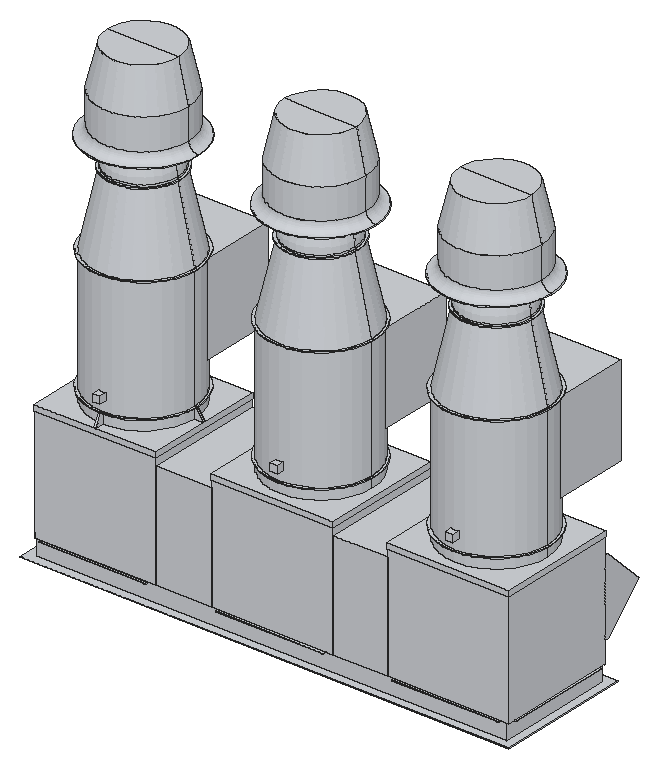
Revit family "QMXVP_with_1X3", category Mechanical Equipment, Revit 2019 (continued)
Types (225): name | UNIT_RADIUS+4" | UNIT_RADIUS*.6 | UNIT_RADIUS | UNIT_RAD+((A/2)+.25")+4" | UNIT_RAD+((A/2)+.25") | UNIT_OD | UNIT_HEIGHT*.75 | UNIT_HEIGHT | TYPE | TRIP_G | TRIP_F | TRIPLE_F+1" | TRANSITION_TOP | RO2/2 | RO/2 | RO | NOZZLE_WB_RAD-2" | NOZZLE_WB_RAD | NOZZLE_WB/4 | NOZZLE_TOP_RAD | NOZZLE_TOP_OD | NOZZLE_SIZE | NOZZLE_HEIGHT/7*2 | NOZZLE_HEIGHT | NOZZLE_BOTTOM_RAD | NOZZLE_WB_OD | NOZZLE_BOTTOM_ID | MB_HT/2 | MB_HT-2.75" | MB_HT+.25" | MB_HT | MB_A | LONG_RO | GA | E | DUAL_G | DUAL_F+1" | DUAL_F | C/2 | C | B/2 | B | A/2 | A+.5 | A | Type Comments | Model | -A | (NOZZLE_WB_OD-NOZZLE_TOP_OD)/2 | (NOZZLE_HEIGHT-(NOZZLE_HEIGHT/8*2))/2 | (A/2)-2" | (A/2)+.25"
  165_QMXVP-9H-1X3_Mixing_Box | 1' - 3 3/4" | 0' - 10.575" | 0' - 11 3/4" | 2' - 8" | 2' - 4" | 1' - 11 1/2" | 2' - 0 3/4" | 2' - 9" | 0' - 0" | 9' - 3 1/2" | 9' - 4" | 9' - 5" | 5' - 1 1/4" | 1' - 0 15/32" | 1' - 0 15/32" | 2' - 0 15/16" | 0' - 9 1/2" | 0' - 11 1/2" | 0' - 4.6" | 0' - 6 3/4" | 1' - 1 1/2" | 9' - 0" | 0' - 7" | 2' - 4" | 0' - 6 13/32" | 1' - 11" | 1' - 0 13/16" | 1' - 6 15/32" | 2' - 10 3/16" | 3' - 1 3/16" | 3' - 0 15/16" | 3' - 5" | 8' - 9 1/4" | 0' - 0 27/256" | 2' - 7 1/8" | 5' - 11 5/16" | 6' - 1 1/4" | 6' - 0 1/4" | 1' - 10" | 3' - 8" | 3' - 8 1/2" | 7' - 5" | 1' - 4" | 2' - 8 1/2" | 2' - 8" | "Vari-Plume Laboratory Exhaust Mixed-Flow Inline Belt Drive With 1X3 Mixing Box\r\n" | "QMXVP-1X3_Mixing Box" | -2' - 8" | 0' - 2 3/8" | 0' - 10 1/2" | 1' - 2" | 1' - 4 1/4"
  165_QMXVP-12L-1X3_Mixing_Box | 1' - 3 3/4" | 0' - 10.575" | 0' - 11 3/4" | 2' - 8" | 2' - 4" | 1' - 11 1/2" | 2' - 0 3/4" | 2' - 9" | 0' - 0" | 9' - 3 1/2" | 9' - 4" | 9' - 5" | 4' - 5 1/4" | 1' - 0 15/32" | 1' - 0 15/32" | 2' - 0 15/16" | 1' - 0" | 1' - 2" | 0' - 5.6" | 0' - 9 3/4" | 1' - 7 1/2" | 12' - 0" | 0' - 8" | 2' - 8" | 0' - 8 17/32" | 2' - 4" | 1' - 5 1/16" | 1' - 6 15/32" | 2' - 10 3/16" | 3' - 1 3/16" | 3' - 0 15/16" | 3' - 5" | 8' - 9 1/4" | 0' - 0 27/256" | 2' - 7 1/8" | 5' - 11 5/16" | 6' - 1 1/4" | 6' - 0 1/4" | 1' - 10" | 3' - 8" | 3' - 8 1/2" | 7' - 5" | 1' - 4" | 2' - 8 1/2" | 2' - 8" | "Vari-Plume Laboratory Exhaust Mixed-Flow Inline Belt Drive With 1X3 Mixing Box\r\n" | "QMXVP-1X3_Mixing Box" | -2' - 8" | 0' - 2 1/8" | 1' - 0" | 1' - 2" | 1' - 4 1/4"
  165_QMXVP-12H-1X3_Mixing_Box | 1' - 3 3/4" | 0' - 10.575" | 0' - 11 3/4" | 2' - 8" | 2' - 4" | 1' - 11 1/2" | 2' - 0 3/4" | 2' - 9" | 0' - 0" | 9' - 3 1/2" | 9' - 4" | 9' - 5" | 4' - 5 1/4" | 1' - 0 15/32" | 1' - 0 15/32" | 2' - 0 15/16" | 1' - 0" | 1' - 2" | 0' - 5.6" | 0' - 9 3/4" | 1' - 7 1/2" | 12' - 0" | 0' - 8" | 2' - 8" | 0' - 8 17/32" | 2' - 4" | 1' - 5 1/16" | 1' - 6 15/32" | 2' - 10 3/16" | 3' - 1 3/16" | 3' - 0 15/16" | 3' - 5" | 8' - 9 1/4" | 0' - 0 27/256" | 2' - 7 1/8" | 5' - 11 5/16" | 6' - 1 1/4" | 6' - 0 1/4" | 1' - 10" | 3' - 8" | 3' - 8 1/2" | 7' - 5" | 1' - 4" | 2' - 8 1/2" | 2' - 8" | "Vari-Plume Laboratory Exhaust Mixed-Flow Inline Belt Drive With 1X3 Mixing Box\r\n" | "QMXVP-1X3_Mixing Box" | -2' - 8" | 0' - 2 1/8" | 1' - 0" | 1' - 2" | 1' - 4 1/4"
  165_QMXVP-15L-1X3_Mixing_Box | 1' - 3 3/4" | 0' - 10.575" | 0' - 11 3/4" | 2' - 8" | 2' - 4" | 1' - 11 1/2" | 2' - 0 3/4" | 2' - 9" | 0' - 0" | 9' - 3 1/2" | 9' - 4" | 9' - 5" | 3' - 9 5/16" | 1' - 0 15/32" | 1' - 0 15/32" | 2' - 0 15/16" | 1' - 4" | 1' - 6" | 0' - 7.2" | 0' - 11 1/2" | 1' - 11" | 15' - 0" | 0' - 10 3/4" | 3' - 7" | 0' - 10 11/16" | 3' - 0" | 1' - 9 3/8" | 1' - 6 15/32" | 2' - 10 3/16" | 3' - 1 3/16" | 3' - 0 15/16" | 3' - 5" | 8' - 9 1/4" | 0' - 0 27/256" | 2' - 7 1/8" | 5' - 11 5/16" | 6' - 1 1/4" | 6' - 0 1/4" | 1' - 10" | 3' - 8" | 3' - 8 1/2" | 7' - 5" | 1' - 4" | 2' - 8 1/2" | 2' - 8" | "Vari-Plume Laboratory Exhaust Mixed-Flow Inline Belt Drive With 1X3 Mixing Box\r\n" | "QMXVP-1X3_Mixing Box" | -2' - 8" | 0' - 3 1/4" | 1' - 4 1/8" | 1' - 2" | 1' - 4 1/4"
  165_QMXVP-15H-1X3_Mixing_Box | 1' - 3 3/4" | 0' - 10.575" | 0' - 11 3/4" | 2' - 8" | 2' - 4" | 1' - 11 1/2" | 2' - 0 3/4" | 2' - 9" | 0' - 0" | 9' - 3 1/2" | 9' - 4" | 9' - 5" | 3' - 9 5/16" | 1' - 0 15/32" | 1' - 0 15/32" | 2' - 0 15/16" | 1' - 4" | 1' - 6" | 0' - 7.2" | 0' - 11 1/2" | 1' - 11" | 15' - 0" | 0' - 10 3/4" | 3' - 7" | 0' - 10 11/16" | 3' - 0" | 1' - 9 3/8" | 1' - 6 15/32" | 2' - 10 3/16" | 3' - 1 3/16" | 3' - 0 15/16" | 3' - 5" | 8' - 9 1/4" | 0' - 0 27/256" | 2' - 7 1/8" | 5' - 11 5/16" | 6' - 1 1/4" | 6' - 0 1/4" | 1' - 10" | 3' - 8" | 3' - 8 1/2" | 7' - 5" | 1' - 4" | 2' - 8 1/2" | 2' - 8" | "Vari-Plume Laboratory Exhaust Mixed-Flow Inline Belt Drive With 1X3 Mixing Box\r\n" | "QMXVP-1X3_Mixing Box" | -2' - 8" | 0' - 3 1/4" | 1' - 4 1/8" | 1' - 2" | 1' - 4 1/4"
  180_QMXVP-12L-1X3_Mixing_Box | 1' - 4 13/16" | 0' - 11 17/32" | 1' - 0 13/16" | 2' - 10 1/16" | 2' - 6 1/16" | 2' - 1 5/8" | 2' - 2 1/4" | 2' - 11" | 0' - 0" | 11' - 1 1/2" | 11' - 2" | 11' - 3" | 4' - 11 1/16" | 1' - 1 15/32" | 1' - 1 15/32" | 2' - 2 15/16" | 1' - 0" | 1' - 2" | 0' - 5.6" | 0' - 9 3/4" | 1' - 7 1/2" | 12' - 0" | 0' - 8" | 2' - 8" | 0' - 8 17/32" | 2' - 4" | 1' - 5 1/16" | 1' - 6 27/32" | 2' - 10 15/16" | 3' - 1 15/16" | 3' - 1 11/16" | 3' - 8" | 10' - 7 1/4" | 0' - 0 27/256" | 2' - 9 1/8" | 6' - 11 5/16" | 7' - 1 1/4" | 7' - 0 1/4" | 1' - 11" | 3' - 10" | 4' - 1" | 8' - 2" | 1' - 5" | 2' - 10 1/2" | 2' - 10" | "Vari-Plume Laboratory Exhaust Mixed-Flow Inline Belt Drive With 1X3 Mixing Box\r\n" | "QMXVP-1X3_Mixing Box" | -2' - 10" | 0' - 2 1/8" | 1' - 0" | 1' - 3" | 1' - 5 1/4"
  180_QMXVP-12H-1X3_Mixing_Box | 1' - 4 13/16" | 0' - 11 17/32" | 1' - 0 13/16" | 2' - 10 1/16" | 2' - 6 1/16" | 2' - 1 5/8" | 2' - 2 1/4" | 2' - 11" | 0' - 0" | 11' - 1 1/2" | 11' - 2" | 11' - 3" | 4' - 11 1/16" | 1' - 1 15/32" | 1' - 1 15/32" | 2' - 2 15/16" | 1' - 0" | 1' - 2" | 0' - 5.6" | 0' - 9 3/4" | 1' - 7 1/2" | 12' - 0" | 0' - 8" | 2' - 8" | 0' - 8 17/32" | 2' - 4" | 1' - 5 1/16" | 1' - 6 27/32" | 2' - 10 15/16" | 3' - 1 15/16" | 3' - 1 11/16" | 3' - 8" | 10' - 7 1/4" | 0' - 0 27/256" | 2' - 9 1/8" | 6' - 11 5/16" | 7' - 1 1/4" | 7' - 0 1/4" | 1' - 11" | 3' - 10" | 4' - 1" | 8' - 2" | 1' - 5" | 2' - 10 1/2" | 2' - 10" | "Vari-Plume Laboratory Exhaust Mixed-Flow Inline Belt Drive With 1X3 Mixing Box\r\n" | "QMXVP-1X3_Mixing Box" | -2' - 10" | 0' - 2 1/8" | 1' - 0" | 1' - 3" | 1' - 5 1/4"
  180_QMXVP-15L-1X3_Mixing_Box | 1' - 4 13/16" | 0' - 11 17/32" | 1' - 0 13/16" | 2' - 10 1/16" | 2' - 6 1/16" | 2' - 1 5/8" | 2' - 2 1/4" | 2' - 11" | 0' - 0" | 11' - 1 1/2" | 11' - 2" | 11' - 3" | 4' - 3 1/8" | 1' - 1 15/32" | 1' - 1 15/32" | 2' - 2 15/16" | 1' - 4" | 1' - 6" | 0' - 7.2" | 0' - 11 1/2" | 1' - 11" | 15' - 0" | 0' - 10 3/4" | 3' - 7" | 0' - 10 11/16" | 3' - 0" | 1' - 9 3/8" | 1' - 6 27/32" | 2' - 10 15/16" | 3' - 1 15/16" | 3' - 1 11/16" | 3' - 8" | 10' - 7 1/4" | 0' - 0 27/256" | 2' - 9 1/8" | 6' - 11 5/16" | 7' - 1 1/4" | 7' - 0 1/4" | 1' - 11" | 3' - 10" | 4' - 1" | 8' - 2" | 1' - 5" | 2' - 10 1/2" | 2' - 10" | "Vari-Plume Laboratory Exhaust Mixed-Flow Inline Belt Drive With 1X3 Mixing Box\r\n" | "QMXVP-1X3_Mixing Box" | -2' - 10" | 0' - 3 1/4" | 1' - 4 1/8" | 1' - 3" | 1' - 5 1/4"
  180_QMXVP-15H-1X3_Mixing_Box | 1' - 4 13/16" | 0' - 11 17/32" | 1' - 0 13/16" | 2' - 10 1/16" | 2' - 6 1/16" | 2' - 1 5/8" | 2' - 2 1/4" | 2' - 11" | 0' - 0" | 11' - 1 1/2" | 11' - 2" | 11' - 3" | 4' - 3 1/8" | 1' - 1 15/32" | 1' - 1 15/32" | 2' - 2 15/16" | 1' - 4" | 1' - 6" | 0' - 7.2" | 0' - 11 1/2" | 1' - 11" | 15' - 0" | 0' - 10 3/4" | 3' - 7" | 0' - 10 11/16" | 3' - 0" | 1' - 9 3/8" | 1' - 6 27/32" | 2' - 10 15/16" | 3' - 1 15/16" | 3' - 1 11/16" | 3' - 8" | 10' - 7 1/4" | 0' - 0 27/256" | 2' - 9 1/8" | 6' - 11 5/16" | 7' - 1 1/4" | 7' - 0 1/4" | 1' - 11" | 3' - 10" | 4' - 1" | 8' - 2" | 1' - 5" | 2' - 10 1/2" | 2' - 10" | "Vari-Plume Laboratory Exhaust Mixed-Flow Inline Belt Drive With 1X3 Mixing Box\r\n" | "QMXVP-1X3_Mixing Box" | -2' - 10" | 0' - 3 1/4" | 1' - 4 1/8" | 1' - 3" | 1' - 5 1/4"
  180_QMXVP-18L-1X3_Mixing_Box | 1' - 4 13/16" | 0' - 11 17/32" | 1' - 0 13/16" | 2' - 10 1/16" | 2' - 6 1/16" | 2' - 1 5/8" | 2' - 2 1/4" | 2' - 11" | 0' - 0" | 11' - 1 1/2" | 11' - 2" | 11' - 3" | 4' - 0 1/2" | 1' - 1 15/32" | 1' - 1 15/32" | 2' - 2 15/16" | 1' - 7 1/2" | 1' - 9 1/2" | 0' - 8.6" | 1' - 1 3/4" | 2' - 3 1/2" | 18' - 0" | 1' - 0" | 4' - 0" | 1' - 0 13/16" | 3' - 7" | 2' - 1 5/8" | 1' - 6 27/32" | 2' - 10 15/16" | 3' - 1 15/16" | 3' - 1 11/16" | 3' - 8" | 10' - 7 1/4" | 0' - 0 27/256" | 2' - 9 1/8" | 6' - 11 5/16" | 7' - 1 1/4" | 7' - 0 1/4" | 1' - 11" | 3' - 10" | 4' - 1" | 8' - 2" | 1' - 5" | 2' - 10 1/2" | 2' - 10" | "Vari-Plume Laboratory Exhaust Mixed-Flow Inline Belt Drive With 1X3 Mixing Box\r\n" | "QMXVP-1X3_Mixing Box" | -2' - 10" | 0' - 3 7/8" | 1' - 6" | 1' - 3" | 1' - 5 1/4"
  180_QMXVP-18H-1X3_Mixing_Box | 1' - 4 13/16" | 0' - 11 17/32" | 1' - 0 13/16" | 2' - 10 1/16" | 2' - 6 1/16" | 2' - 1 5/8" | 2' - 2 1/4" | 2' - 11" | 0' - 0" | 11' - 1 1/2" | 11' - 2" | 11' - 3" | 4' - 0 1/2" | 1' - 1 15/32" | 1' - 1 15/32" | 2' - 2 15/16" | 1' - 7 1/2" | 1' - 9 1/2" | 0' - 8.6" | 1' - 1 3/4" | 2' - 3 1/2" | 18' - 0" | 1' - 0" | 4' - 0" | 1' - 0 13/16" | 3' - 7" | 2' - 1 5/8" | 1' - 6 27/32" | 2' - 10 15/16" | 3' - 1 15/16" | 3' - 1 11/16" | 3' - 8" | 10' - 7 1/4" | 0' - 0 27/256" | 2' - 9 1/8" | 6' - 11 5/16" | 7' - 1 1/4" | 7' - 0 1/4" | 1' - 11" | 3' - 10" | 4' - 1" | 8' - 2" | 1' - 5" | 2' - 10 1/2" | 2' - 10" | "Vari-Plume Laboratory Exhaust Mixed-Flow Inline Belt Drive With 1X3 Mixing Box\r\n" | "QMXVP-1X3_Mixing Box" | -2' - 10" | 0' - 3 7/8" | 1' - 6" | 1' - 3" | 1' - 5 1/4"
  202_QMXVP-12L-1X3_Mixing_Box | 1' - 6 3/8" | 1' - 0 15/16" | 1' - 2 3/8" | 3' - 1 5/8" | 2' - 9 5/8" | 2' - 4 3/4" | 2' - 4 1/8" | 3' - 1 1/2" | 0' - 0" | 11' - 9 1/4" | 11' - 10" | 11' - 11" | 5' - 7 9/16" | 1' - 3 3/8" | 1' - 3 3/8" | 2' - 6 3/4" | 1' - 0" | 1' - 2" | 0' - 5.6" | 0' - 9 3/4" | 1' - 7 1/2" | 12' - 0" | 0' - 8" | 2' - 8" | 0' - 8 17/32" | 2' - 4" | 1' - 5 1/16" | 1' - 8 19/32" | 3' - 2 7/16" | 3' - 5 7/16" | 3' - 5 3/16" | 4' - 1" | 11' - 3" | 0' - 0 27/256" | 3' - 0 15/16" | 7' - 5 1/8" | 7' - 7 1/4" | 7' - 6 1/4" | 2' - 1" | 4' - 2" | 4' - 4" | 8' - 8" | 1' - 7" | 3' - 2 1/2" | 3' - 2" | "Vari-Plume Laboratory Exhaust Mixed-Flow Inline Belt Drive With 1X3 Mixing Box\r\n" | "QMXVP-1X3_Mixing Box" | -3' - 2" | 0' - 2 1/8" | 1' - 0" | 1' - 5" | 1' - 7 1/4"
  202_QMXVP-12H-1X3_Mixing_Box | 1' - 6 3/8" | 1' - 0 15/16" | 1' - 2 3/8" | 3' - 1 5/8" | 2' - 9 5/8" | 2' - 4 3/4" | 2' - 4 1/8" | 3' - 1 1/2" | 0' - 0" | 11' - 9 1/4" | 11' - 10" | 11' - 11" | 5' - 7 9/16" | 1' - 3 3/8" | 1' - 3 3/8" | 2' - 6 3/4" | 1' - 0" | 1' - 2" | 0' - 5.6" | 0' - 9 3/4" | 1' - 7 1/2" | 12' - 0" | 0' - 8" | 2' - 8" | 0' - 8 17/32" | 2' - 4" | 1' - 5 1/16" | 1' - 8 19/32" | 3' - 2 7/16" | 3' - 5 7/16" | 3' - 5 3/16" | 4' - 1" | 11' - 3" | 0' - 0 27/256" | 3' - 0 15/16" | 7' - 5 1/8" | 7' - 7 1/4" | 7' - 6 1/4" | 2' - 1" | 4' - 2" | 4' - 4" | 8' - 8" | 1' - 7" | 3' - 2 1/2" | 3' - 2" | "Vari-Plume Laboratory Exhaust Mixed-Flow Inline Belt Drive With 1X3 Mixing Box\r\n" | "QMXVP-1X3_Mixing Box" | -3' - 2" | 0' - 2 1/8" | 1' - 0" | 1' - 5" | 1' - 7 1/4"
  202_QMXVP-15L-1X3_Mixing_Box | 1' - 6 3/8" | 1' - 0 15/16" | 1' - 2 3/8" | 3' - 1 5/8" | 2' - 9 5/8" | 2' - 4 3/4" | 2' - 4 1/8" | 3' - 1 1/2" | 0' - 0" | 11' - 9 1/4" | 11' - 10" | 11' - 11" | 4' - 11 5/8" | 1' - 3 3/8" | 1' - 3 3/8" | 2' - 6 3/4" | 1' - 4" | 1' - 6" | 0' - 7.2" | 0' - 11 1/2" | 1' - 11" | 15' - 0" | 0' - 10 3/4" | 3' - 7" | 0' - 10 11/16" | 3' - 0" | 1' - 9 3/8" | 1' - 8 19/32" | 3' - 2 7/16" | 3' - 5 7/16" | 3' - 5 3/16" | 4' - 1" | 11' - 3" | 0' - 0 27/256" | 3' - 0 15/16" | 7' - 5 1/8" | 7' - 7 1/4" | 7' - 6 1/4" | 2' - 1" | 4' - 2" | 4' - 4" | 8' - 8" | 1' - 7" | 3' - 2 1/2" | 3' - 2" | "Vari-Plume Laboratory Exhaust Mixed-Flow Inline Belt Drive With 1X3 Mixing Box\r\n" | "QMXVP-1X3_Mixing Box" | -3' - 2" | 0' - 3 1/4" | 1' - 4 1/8" | 1' - 5" | 1' - 7 1/4"
  202_QMXVP-15H-1X3_Mixing_Box | 1' - 6 3/8" | 1' - 0 15/16" | 1' - 2 3/8" | 3' - 1 5/8" | 2' - 9 5/8" | 2' - 4 3/4" | 2' - 4 1/8" | 3' - 1 1/2" | 0' - 0" | 11' - 9 1/4" | 11' - 10" | 11' - 11" | 4' - 11 5/8" | 1' - 3 3/8" | 1' - 3 3/8" | 2' - 6 3/4" | 1' - 4" | 1' - 6" | 0' - 7.2" | 0' - 11 1/2" | 1' - 11" | 15' - 0" | 0' - 10 3/4" | 3' - 7" | 0' - 10 11/16" | 3' - 0" | 1' - 9 3/8" | 1' - 8 19/32" | 3' - 2 7/16" | 3' - 5 7/16" | 3' - 5 3/16" | 4' - 1" | 11' - 3" | 0' - 0 27/256" | 3' - 0 15/16" | 7' - 5 1/8" | 7' - 7 1/4" | 7' - 6 1/4" | 2' - 1" | 4' - 2" | 4' - 4" | 8' - 8" | 1' - 7" | 3' - 2 1/2" | 3' - 2" | "Vari-Plume Laboratory Exhaust Mixed-Flow Inline Belt Drive With 1X3 Mixing Box\r\n" | "QMXVP-1X3_Mixing Box" | -3' - 2" | 0' - 3 1/4" | 1' - 4 1/8" | 1' - 5" | 1' - 7 1/4"
  202_QMXVP-18L-1X3_Mixing_Box | 1' - 6 3/8" | 1' - 0 15/16" | 1' - 2 3/8" | 3' - 1 5/8" | 2' - 9 5/8" | 2' - 4 3/4" | 2' - 4 1/8" | 3' - 1 1/2" | 0' - 0" | 11' - 9 1/4" | 11' - 10" | 11' - 11" | 4' - 3 5/8" | 1' - 3 3/8" | 1' - 3 3/8" | 2' - 6 3/4" | 1' - 7 1/2" | 1' - 9 1/2" | 0' - 8.6" | 1' - 1 3/4" | 2' - 3 1/2" | 18' - 0" | 1' - 0" | 4' - 0" | 1' - 0 13/16" | 3' - 7" | 2' - 1 5/8" | 1' - 8 19/32" | 3' - 2 7/16" | 3' - 5 7/16" | 3' - 5 3/16" | 4' - 1" | 11' - 3" | 0' - 0 27/256" | 3' - 0 15/16" | 7' - 5 1/8" | 7' - 7 1/4" | 7' - 6 1/4" | 2' - 1" | 4' - 2" | 4' - 4" | 8' - 8" | 1' - 7" | 3' - 2 1/2" | 3' - 2" | "Vari-Plume Laboratory Exhaust Mixed-Flow Inline Belt Drive With 1X3 Mixing Box\r\n" | "QMXVP-1X3_Mixing Box" | -3' - 2" | 0' - 3 7/8" | 1' - 6" | 1' - 5" | 1' - 7 1/4"
  202_QMXVP-18H-1X3_Mixing_Box | 1' - 6 3/8" | 1' - 0 15/16" | 1' - 2 3/8" | 3' - 1 5/8" | 2' - 9 5/8" | 2' - 4 3/4" | 2' - 4 1/8" | 3' - 1 1/2" | 0' - 0" | 11' - 9 1/4" | 11' - 10" | 11' - 11" | 4' - 3 5/8" | 1' - 3 3/8" | 1' - 3 3/8" | 2' - 6 3/4" | 1' - 7 1/2" | 1' - 9 1/2" | 0' - 8.6" | 1' - 1 3/4" | 2' - 3 1/2" | 18' - 0" | 1' - 0" | 4' - 0" | 1' - 0 13/16" | 3' - 7" | 2' - 1 5/8" | 1' - 8 19/32" | 3' - 2 7/16" | 3' - 5 7/16" | 3' - 5 3/16" | 4' - 1" | 11' - 3" | 0' - 0 27/256" | 3' - 0 15/16" | 7' - 5 1/8" | 7' - 7 1/4" | 7' - 6 1/4" | 2' - 1" | 4' - 2" | 4' - 4" | 8' - 8" | 1' - 7" | 3' - 2 1/2" | 3' - 2" | "Vari-Plume Laboratory Exhaust Mixed-Flow Inline Belt Drive With 1X3 Mixing Box\r\n" | "QMXVP-1X3_Mixing Box" | -3' - 2" | 0' - 3 7/8" | 1' - 6" | 1' - 5" | 1' - 7 1/4"
  225_QMXVP-12L-1X3_Mixing_Box | 1' - 7 31/32" | 1' - 2.37188" | 1' - 3 31/32" | 3' - 5 7/32" | 3' - 1 7/32" | 2' - 7 15/16" | 2' - 6 3/4" | 3' - 5" | 0' - 0" | 11' - 11 1/4" | 12' - 0" | 12' - 1" | 6' - 5 1/16" | 1' - 5 3/8" | 1' - 5 3/8" | 2' - 10 3/4" | 1' - 0" | 1' - 2" | 0' - 5.6" | 0' - 9 3/4" | 1' - 7 1/2" | 12' - 0" | 0' - 8" | 2' - 8" | 0' - 8 17/32" | 2' - 4" | 1' - 5 1/16" | 1' - 9 19/32" | 3' - 4 7/16" | 3' - 7 7/16" | 3' - 7 3/16" | 4' - 6" | 11' - 5" | 0' - 0 27/256" | 3' - 4 15/16" | 7' - 8 1/8" | 7' - 10 1/4" | 7' - 9 1/4" | 2' - 4" | 4' - 8" | 4' - 8 1/2" | 9' - 5" | 1' - 9" | 3' - 6 1/2" | 3' - 6" | "Vari-Plume Laboratory Exhaust Mixed-Flow Inline Belt Drive With 1X3 Mixing Box\r\n" | "QMXVP-1X3_Mixing Box" | -3' - 6" | 0' - 2 1/8" | 1' - 0" | 1' - 7" | 1' - 9 1/4"
  225_QMXVP-12H-1X3_Mixing_Box | 1' - 7 31/32" | 1' - 2.37188" | 1' - 3 31/32" | 3' - 5 7/32" | 3' - 1 7/32" | 2' - 7 15/16" | 2' - 6 3/4" | 3' - 5" | 0' - 0" | 11' - 11 1/4" | 12' - 0" | 12' - 1" | 6' - 5 1/16" | 1' - 5 3/8" | 1' - 5 3/8" | 2' - 10 3/4" | 1' - 0" | 1' - 2" | 0' - 5.6" | 0' - 9 3/4" | 1' - 7 1/2" | 12' - 0" | 0' - 8" | 2' - 8" | 0' - 8 17/32" | 2' - 4" | 1' - 5 1/16" | 1' - 9 19/32" | 3' - 4 7/16" | 3' - 7 7/16" | 3' - 7 3/16" | 4' - 6" | 11' - 5" | 0' - 0 27/256" | 3' - 4 15/16" | 7' - 8 1/8" | 7' - 10 1/4" | 7' - 9 1/4" | 2' - 4" | 4' - 8" | 4' - 8 1/2" | 9' - 5" | 1' - 9" | 3' - 6 1/2" | 3' - 6" | "Vari-Plume Laboratory Exhaust Mixed-Flow Inline Belt Drive With 1X3 Mixing Box\r\n" | "QMXVP-1X3_Mixing Box" | -3' - 6" | 0' - 2 1/8" | 1' - 0" | 1' - 7" | 1' - 9 1/4"
  225_QMXVP-15L-1X3_Mixing_Box | 1' - 7 31/32" | 1' - 2.37188" | 1' - 3 31/32" | 3' - 5 7/32" | 3' - 1 7/32" | 2' - 7 15/16" | 2' - 6 3/4" | 3' - 5" | 0' - 0" | 11' - 11 1/4" | 12' - 0" | 12' - 1" | 5' - 9 1/8" | 1' - 5 3/8" | 1' - 5 3/8" | 2' - 10 3/4" | 1' - 4" | 1' - 6" | 0' - 7.2" | 0' - 11 1/2" | 1' - 11" | 15' - 0" | 0' - 10 3/4" | 3' - 7" | 0' - 10 11/16" | 3' - 0" | 1' - 9 3/8" | 1' - 9 19/32" | 3' - 4 7/16" | 3' - 7 7/16" | 3' - 7 3/16" | 4' - 6" | 11' - 5" | 0' - 0 27/256" | 3' - 4 15/16" | 7' - 8 1/8" | 7' - 10 1/4" | 7' - 9 1/4" | 2' - 4" | 4' - 8" | 4' - 8 1/2" | 9' - 5" | 1' - 9" | 3' - 6 1/2" | 3' - 6" | "Vari-Plume Laboratory Exhaust Mixed-Flow Inline Belt Drive With 1X3 Mixing Box\r\n" | "QMXVP-1X3_Mixing Box" | -3' - 6" | 0' - 3 1/4" | 1' - 4 1/8" | 1' - 7" | 1' - 9 1/4"
  225_QMXVP-15H-1X3_Mixing_Box | 1' - 7 31/32" | 1' - 2.37188" | 1' - 3 31/32" | 3' - 5 7/32" | 3' - 1 7/32" | 2' - 7 15/16" | 2' - 6 3/4" | 3' - 5" | 0' - 0" | 11' - 11 1/4" | 12' - 0" | 12' - 1" | 5' - 9 1/8" | 1' - 5 3/8" | 1' - 5 3/8" | 2' - 10 3/4" | 1' - 4" | 1' - 6" | 0' - 7.2" | 0' - 11 1/2" | 1' - 11" | 15' - 0" | 0' - 10 3/4" | 3' - 7" | 0' - 10 11/16" | 3' - 0" | 1' - 9 3/8" | 1' - 9 19/32" | 3' - 4 7/16" | 3' - 7 7/16" | 3' - 7 3/16" | 4' - 6" | 11' - 5" | 0' - 0 27/256" | 3' - 4 15/16" | 7' - 8 1/8" | 7' - 10 1/4" | 7' - 9 1/4" | 2' - 4" | 4' - 8" | 4' - 8 1/2" | 9' - 5" | 1' - 9" | 3' - 6 1/2" | 3' - 6" | "Vari-Plume Laboratory Exhaust Mixed-Flow Inline Belt Drive With 1X3 Mixing Box\r\n" | "QMXVP-1X3_Mixing Box" | -3' - 6" | 0' - 3 1/4" | 1' - 4 1/8" | 1' - 7" | 1' - 9 1/4"
  225_QMXVP-18L-1X3_Mixing_Box | 1' - 7 31/32" | 1' - 2.37188" | 1' - 3 31/32" | 3' - 5 7/32" | 3' - 1 7/32" | 2' - 7 15/16" | 2' - 6 3/4" | 3' - 5" | 0' - 0" | 11' - 11 1/4" | 12' - 0" | 12' - 1" | 5' - 1 1/8" | 1' - 5 3/8" | 1' - 5 3/8" | 2' - 10 3/4" | 1' - 7 1/2" | 1' - 9 1/2" | 0' - 8.6" | 1' - 1 3/4" | 2' - 3 1/2" | 18' - 0" | 1' - 0" | 4' - 0" | 1' - 0 13/16" | 3' - 7" | 2' - 1 5/8" | 1' - 9 19/32" | 3' - 4 7/16" | 3' - 7 7/16" | 3' - 7 3/16" | 4' - 6" | 11' - 5" | 0' - 0 27/256" | 3' - 4 15/16" | 7' - 8 1/8" | 7' - 10 1/4" | 7' - 9 1/4" | 2' - 4" | 4' - 8" | 4' - 8 1/2" | 9' - 5" | 1' - 9" | 3' - 6 1/2" | 3' - 6" | "Vari-Plume Laboratory Exhaust Mixed-Flow Inline Belt Drive With 1X3 Mixing Box\r\n" | "QMXVP-1X3_Mixing Box" | -3' - 6" | 0' - 3 7/8" | 1' - 6" | 1' - 7" | 1' - 9 1/4"
  245_QMXVP-15L-1X3_Mixing_Box | 1' - 9 3/8" | 1' - 3.6375" | 1' - 5 3/8" | 3' - 7 5/8" | 3' - 3 5/8" | 2' - 10 3/4" | 2' - 9 3/8" | 3' - 8 1/2" | 0' - 0" | 14' - 3 5/16" | 14' - 4" | 14' - 5" | 6' - 5 11/16" | 1' - 6 3/8" | 1' - 6 3/8" | 3' - 0 3/4" | 1' - 4" | 1' - 6" | 0' - 7.2" | 0' - 11 1/2" | 1' - 11" | 15' - 0" | 0' - 10 3/4" | 3' - 7" | 0' - 10 11/16" | 3' - 0" | 1' - 9 3/8" | 1' - 10 23/32" | 3' - 6 11/16" | 3' - 9 11/16" | 3' - 9 7/16" | 4' - 9" | 13' - 9 1/16" | 0' - 0 27/256" | 3' - 6 15/16" | 8' - 11 1/8" | 9' - 1 1/4" | 9' - 0 1/4" | 2' - 5 1/2" | 4' - 11" | 5' - 0 1/2" | 10' - 1" | 1' - 10" | 3' - 8 1/2" | 3' - 8" | "Vari-Plume Laboratory Exhaust Mixed-Flow Inline Belt Drive With 1X3 Mixing Box\r\n" | "QMXVP-1X3_Mixing Box" | -3' - 8" | 0' - 3 1/4" | 1' - 4 1/8" | 1' - 8" | 1' - 10 1/4"
  245_QMXVP-15H-1X3_Mixing_Box | 1' - 9 3/8" | 1' - 3.6375" | 1' - 5 3/8" | 3' - 7 5/8" | 3' - 3 5/8" | 2' - 10 3/4" | 2' - 9 3/8" | 3' - 8 1/2" | 0' - 0" | 14' - 3 5/16" | 14' - 4" | 14' - 5" | 6' - 5 11/16" | 1' - 6 3/8" | 1' - 6 3/8" | 3' - 0 3/4" | 1' - 4" | 1' - 6" | 0' - 7.2" | 0' - 11 1/2" | 1' - 11" | 15' - 0" | 0' - 10 3/4" | 3' - 7" | 0' - 10 11/16" | 3' - 0" | 1' - 9 3/8" | 1' - 10 23/32" | 3' - 6 11/16" | 3' - 9 11/16" | 3' - 9 7/16" | 4' - 9" | 13' - 9 1/16" | 0' - 0 27/256" | 3' - 6 15/16" | 8' - 11 1/8" | 9' - 1 1/4" | 9' - 0 1/4" | 2' - 5 1/2" | 4' - 11" | 5' - 0 1/2" | 10' - 1" | 1' - 10" | 3' - 8 1/2" | 3' - 8" | "Vari-Plume Laboratory Exhaust Mixed-Flow Inline Belt Drive With 1X3 Mixing Box\r\n" | "QMXVP-1X3_Mixing Box" | -3' - 8" | 0' - 3 1/4" | 1' - 4 1/8" | 1' - 8" | 1' - 10 1/4"
  245_QMXVP-18L-1X3_Mixing_Box | 1' - 9 3/8" | 1' - 3.6375" | 1' - 5 3/8" | 3' - 7 5/8" | 3' - 3 5/8" | 2' - 10 3/4" | 2' - 9 3/8" | 3' - 8 1/2" | 0' - 0" | 14' - 3 5/16" | 14' - 4" | 14' - 5" | 5' - 9 11/16" | 1' - 6 3/8" | 1' - 6 3/8" | 3' - 0 3/4" | 1' - 7 1/2" | 1' - 9 1/2" | 0' - 8.6" | 1' - 1 3/4" | 2' - 3 1/2" | 18' - 0" | 1' - 0" | 4' - 0" | 1' - 0 13/16" | 3' - 7" | 2' - 1 5/8" | 1' - 10 23/32" | 3' - 6 11/16" | 3' - 9 11/16" | 3' - 9 7/16" | 4' - 9" | 13' - 9 1/16" | 0' - 0 27/256" | 3' - 6 15/16" | 8' - 11 1/8" | 9' - 1 1/4" | 9' - 0 1/4" | 2' - 5 1/2" | 4' - 11" | 5' - 0 1/2" | 10' - 1" | 1' - 10" | 3' - 8 1/2" | 3' - 8" | "Vari-Plume Laboratory Exhaust Mixed-Flow Inline Belt Drive With 1X3 Mixing Box\r\n" | "QMXVP-1X3_Mixing Box" | -3' - 8" | 0' - 3 7/8" | 1' - 6" | 1' - 8" | 1' - 10 1/4"
  245_QMXVP-18H-1X3_Mixing_Box | 1' - 9 3/8" | 1' - 3.6375" | 1' - 5 3/8" | 3' - 7 5/8" | 3' - 3 5/8" | 2' - 10 3/4" | 2' - 9 3/8" | 3' - 8 1/2" | 0' - 0" | 14' - 3 5/16" | 14' - 4" | 14' - 5" | 5' - 9 11/16" | 1' - 6 3/8" | 1' - 6 3/8" | 3' - 0 3/4" | 1' - 7 1/2" | 1' - 9 1/2" | 0' - 8.6" | 1' - 1 3/4" | 2' - 3 1/2" | 18' - 0" | 1' - 0" | 4' - 0" | 1' - 0 13/16" | 3' - 7" | 2' - 1 5/8" | 1' - 10 23/32" | 3' - 6 11/16" | 3' - 9 11/16" | 3' - 9 7/16" | 4' - 9" | 13' - 9 1/16" | 0' - 0 27/256" | 3' - 6 15/16" | 8' - 11 1/8" | 9' - 1 1/4" | 9' - 0 1/4" | 2' - 5 1/2" | 4' - 11" | 5' - 0 1/2" | 10' - 1" | 1' - 10" | 3' - 8 1/2" | 3' - 8" | "Vari-Plume Laboratory Exhaust Mixed-Flow Inline Belt Drive With 1X3 Mixing Box\r\n" | "QMXVP-1X3_Mixing Box" | -3' - 8" | 0' - 3 7/8" | 1' - 6" | 1' - 8" | 1' - 10 1/4"
  245_QMXVP-24L-1X3_Mixing_Box | 1' - 9 3/8" | 1' - 3.6375" | 1' - 5 3/8" | 3' - 7 5/8" | 3' - 3 5/8" | 2' - 10 3/4" | 2' - 9 3/8" | 3' - 8 1/2" | 0' - 0" | 14' - 3 5/16" | 14' - 4" | 14' - 5" | 4' - 9 3/4" | 1' - 6 3/8" | 1' - 6 3/8" | 3' - 0 3/4" | 2' - 4 1/2" | 2' - 6 1/2" | 1' - 0.2" | 1' - 6 1/4" | 3' - 0 1/2" | 24' - 0" | 1' - 3 1/2" | 5' - 2" | 1' - 5 3/8" | 5' - 1" | 2' - 10 3/4" | 1' - 10 23/32" | 3' - 6 11/16" | 3' - 9 11/16" | 3' - 9 7/16" | 4' - 9" | 13' - 9 1/16" | 0' - 0 27/256" | 3' - 6 15/16" | 8' - 11 1/8" | 9' - 1 1/4" | 9' - 0 1/4" | 2' - 5 1/2" | 4' - 11" | 5' - 0 1/2" | 10' - 1" | 1' - 10" | 3' - 8 1/2" | 3' - 8" | "Vari-Plume Laboratory Exhaust Mixed-Flow Inline Belt Drive With 1X3 Mixing Box\r\n" | "QMXVP-1X3_Mixing Box" | -3' - 8" | 0' - 6 1/8" | 1' - 11 1/4" | 1' - 8" | 1' - 10 1/4"
  245_QMXVP-24H-1X3_Mixing_Box | 1' - 9 3/8" | 1' - 3.6375" | 1' - 5 3/8" | 3' - 7 5/8" | 3' - 3 5/8" | 2' - 10 3/4" | 2' - 9 3/8" | 3' - 8 1/2" | 0' - 0" | 14' - 3 5/16" | 14' - 4" | 14' - 5" | 4' - 9 3/4" | 1' - 6 3/8" | 1' - 6 3/8" | 3' - 0 3/4" | 2' - 4 1/2" | 2' - 6 1/2" | 1' - 0.2" | 1' - 6 1/4" | 3' - 0 1/2" | 24' - 0" | 1' - 3 1/2" | 5' - 2" | 1' - 5 3/8" | 5' - 1" | 2' - 10 3/4" | 1' - 10 23/32" | 3' - 6 11/16" | 3' - 9 11/16" | 3' - 9 7/16" | 4' - 9" | 13' - 9 1/16" | 0' - 0 27/256" | 3' - 6 15/16" | 8' - 11 1/8" | 9' - 1 1/4" | 9' - 0 1/4" | 2' - 5 1/2" | 4' - 11" | 5' - 0 1/2" | 10' - 1" | 1' - 10" | 3' - 8 1/2" | 3' - 8" | "Vari-Plume Laboratory Exhaust Mixed-Flow Inline Belt Drive With 1X3 Mixing Box\r\n" | "QMXVP-1X3_Mixing Box" | -3' - 8" | 0' - 6 1/8" | 1' - 11 1/4" | 1' - 8" | 1' - 10 1/4"
  270_QMXVP-15L-1X3_Mixing_Box | 1' - 11 5/32" | 1' - 5.24062" | 1' - 7 5/32" | 3' - 11 13/32" | 3' - 7 13/32" | 3' - 2 5/16" | 2' - 11 1/4" | 3' - 11" | 0' - 0" | 14' - 7 5/16" | 14' - 8" | 14' - 9" | 7' - 2 3/16" | 1' - 8 3/8" | 1' - 8 3/8" | 3' - 4 3/4" | 1' - 4" | 1' - 6" | 0' - 7.2" | 0' - 11 1/2" | 1' - 11" | 15' - 0" | 0' - 10 3/4" | 3' - 7" | 0' - 10 11/16" | 3' - 0" | 1' - 9 3/8" | 1' - 11 19/32" | 3' - 8 7/16" | 3' - 11 7/16" | 3' - 11 3/16" | 5' - 2" | 14' - 1 1/16" | 0' - 0 27/256" | 3' - 10 15/16" | 9' - 3 1/8" | 9' - 5 1/4" | 9' - 4 1/4" | 2' - 7 1/2" | 5' - 3" | 5' - 4" | 10' - 8" | 2' - 0" | 4' - 0 1/2" | 4' - 0" | "Vari-Plume Laboratory Exhaust Mixed-Flow Inline Belt Drive With 1X3 Mixing Box\r\n" | "QMXVP-1X3_Mixing Box" | -4' - 0" | 0' - 3 1/4" | 1' - 4 1/8" | 1' - 10" | 2' - 0 1/4"
  270_QMXVP-15H-1X3_Mixing_Box | 1' - 11 5/32" | 1' - 5.24062" | 1' - 7 5/32" | 3' - 11 13/32" | 3' - 7 13/32" | 3' - 2 5/16" | 2' - 11 1/4" | 3' - 11" | 0' - 0" | 14' - 7 5/16" | 14' - 8" | 14' - 9" | 7' - 2 3/16" | 1' - 8 3/8" | 1' - 8 3/8" | 3' - 4 3/4" | 1' - 4" | 1' - 6" | 0' - 7.2" | 0' - 11 1/2" | 1' - 11" | 15' - 0" | 0' - 10 3/4" | 3' - 7" | 0' - 10 11/16" | 3' - 0" | 1' - 9 3/8" | 1' - 11 19/32" | 3' - 8 7/16" | 3' - 11 7/16" | 3' - 11 3/16" | 5' - 2" | 14' - 1 1/16" | 0' - 0 27/256" | 3' - 10 15/16" | 9' - 3 1/8" | 9' - 5 1/4" | 9' - 4 1/4" | 2' - 7 1/2" | 5' - 3" | 5' - 4" | 10' - 8" | 2' - 0" | 4' - 0 1/2" | 4' - 0" | "Vari-Plume Laboratory Exhaust Mixed-Flow Inline Belt Drive With 1X3 Mixing Box\r\n" | "QMXVP-1X3_Mixing Box" | -4' - 0" | 0' - 3 1/4" | 1' - 4 1/8" | 1' - 10" | 2' - 0 1/4"
  270_QMXVP-18L-1X3_Mixing_Box | 1' - 11 5/32" | 1' - 5.24062" | 1' - 7 5/32" | 3' - 11 13/32" | 3' - 7 13/32" | 3' - 2 5/16" | 2' - 11 1/4" | 3' - 11" | 0' - 0" | 14' - 7 5/16" | 14' - 8" | 14' - 9" | 6' - 7 3/16" | 1' - 8 3/8" | 1' - 8 3/8" | 3' - 4 3/4" | 1' - 7 1/2" | 1' - 9 1/2" | 0' - 8.6" | 1' - 1 3/4" | 2' - 3 1/2" | 18' - 0" | 1' - 0" | 4' - 0" | 1' - 0 13/16" | 3' - 7" | 2' - 1 5/8" | 1' - 11 19/32" | 3' - 8 7/16" | 3' - 11 7/16" | 3' - 11 3/16" | 5' - 2" | 14' - 1 1/16" | 0' - 0 27/256" | 3' - 10 15/16" | 9' - 3 1/8" | 9' - 5 1/4" | 9' - 4 1/4" | 2' - 7 1/2" | 5' - 3" | 5' - 4" | 10' - 8" | 2' - 0" | 4' - 0 1/2" | 4' - 0" | "Vari-Plume Laboratory Exhaust Mixed-Flow Inline Belt Drive With 1X3 Mixing Box\r\n" | "QMXVP-1X3_Mixing Box" | -4' - 0" | 0' - 3 7/8" | 1' - 6" | 1' - 10" | 2' - 0 1/4"
  270_QMXVP-18H-1X3_Mixing_Box | 1' - 11 5/32" | 1' - 5.24062" | 1' - 7 5/32" | 3' - 11 13/32" | 3' - 7 13/32" | 3' - 2 5/16" | 2' - 11 1/4" | 3' - 11" | 0' - 0" | 14' - 7 5/16" | 14' - 8" | 14' - 9" | 6' - 7 3/16" | 1' - 8 3/8" | 1' - 8 3/8" | 3' - 4 3/4" | 1' - 7 1/2" | 1' - 9 1/2" | 0' - 8.6" | 1' - 1 3/4" | 2' - 3 1/2" | 18' - 0" | 1' - 0" | 4' - 0" | 1' - 0 13/16" | 3' - 7" | 2' - 1 5/8" | 1' - 11 19/32" | 3' - 8 7/16" | 3' - 11 7/16" | 3' - 11 3/16" | 5' - 2" | 14' - 1 1/16" | 0' - 0 27/256" | 3' - 10 15/16" | 9' - 3 1/8" | 9' - 5 1/4" | 9' - 4 1/4" | 2' - 7 1/2" | 5' - 3" | 5' - 4" | 10' - 8" | 2' - 0" | 4' - 0 1/2" | 4' - 0" | "Vari-Plume Laboratory Exhaust Mixed-Flow Inline Belt Drive With 1X3 Mixing Box\r\n" | "QMXVP-1X3_Mixing Box" | -4' - 0" | 0' - 3 7/8" | 1' - 6" | 1' - 10" | 2' - 0 1/4"
  270_QMXVP-24L-1X3_Mixing_Box | 1' - 11 5/32" | 1' - 5.24062" | 1' - 7 5/32" | 3' - 11 13/32" | 3' - 7 13/32" | 3' - 2 5/16" | 2' - 11 1/4" | 3' - 11" | 0' - 0" | 14' - 7 5/16" | 14' - 8" | 14' - 9" | 5' - 2 1/4" | 1' - 8 3/8" | 1' - 8 3/8" | 3' - 4 3/4" | 2' - 4 1/2" | 2' - 6 1/2" | 1' - 0.2" | 1' - 6 1/4" | 3' - 0 1/2" | 24' - 0" | 1' - 3 1/2" | 5' - 2" | 1' - 5 3/8" | 5' - 1" | 2' - 10 3/4" | 1' - 11 19/32" | 3' - 8 7/16" | 3' - 11 7/16" | 3' - 11 3/16" | 5' - 2" | 14' - 1 1/16" | 0' - 0 27/256" | 3' - 10 15/16" | 9' - 3 1/8" | 9' - 5 1/4" | 9' - 4 1/4" | 2' - 7 1/2" | 5' - 3" | 5' - 4" | 10' - 8" | 2' - 0" | 4' - 0 1/2" | 4' - 0" | "Vari-Plume Laboratory Exhaust Mixed-Flow Inline Belt Drive With 1X3 Mixing Box\r\n" | "QMXVP-1X3_Mixing Box" | -4' - 0" | 0' - 6 1/8" | 1' - 11 1/4" | 1' - 10" | 2' - 0 1/4"
  270_QMXVP-24H-1X3_Mixing_Box | 1' - 11 5/32" | 1' - 5.24062" | 1' - 7 5/32" | 3' - 11 13/32" | 3' - 7 13/32" | 3' - 2 5/16" | 2' - 11 1/4" | 3' - 11" | 0' - 0" | 14' - 7 5/16" | 14' - 8" | 14' - 9" | 5' - 2 1/4" | 1' - 8 3/8" | 1' - 8 3/8" | 3' - 4 3/4" | 2' - 4 1/2" | 2' - 6 1/2" | 1' - 0.2" | 1' - 6 1/4" | 3' - 0 1/2" | 24' - 0" | 1' - 3 1/2" | 5' - 2" | 1' - 5 3/8" | 5' - 1" | 2' - 10 3/4" | 1' - 11 19/32" | 3' - 8 7/16" | 3' - 11 7/16" | 3' - 11 3/16" | 5' - 2" | 14' - 1 1/16" | 0' - 0 27/256" | 3' - 10 15/16" | 9' - 3 1/8" | 9' - 5 1/4" | 9' - 4 1/4" | 2' - 7 1/2" | 5' - 3" | 5' - 4" | 10' - 8" | 2' - 0" | 4' - 0 1/2" | 4' - 0" | "Vari-Plume Laboratory Exhaust Mixed-Flow Inline Belt Drive With 1X3 Mixing Box\r\n" | "QMXVP-1X3_Mixing Box" | -4' - 0" | 0' - 6 1/8" | 1' - 11 1/4" | 1' - 10" | 2' - 0 1/4"
  300_QMXVP-18L-1X3_Mixing_Box | 2' - 1 1/4" | 1' - 7 1/8" | 1' - 9 1/4" | 4' - 3 1/2" | 3' - 11 1/2" | 3' - 6 1/2" | 3' - 4 1/2" | 4' - 6" | 0' - 0" | 17' - 7 5/16" | 17' - 8" | 17' - 9" | 7' - 10 3/16" | 1' - 10 3/8" | 1' - 10 3/8" | 3' - 8 3/4" | 1' - 7 1/2" | 1' - 9 1/2" | 0' - 8.6" | 1' - 1 3/4" | 2' - 3 1/2" | 18' - 0" | 1' - 0" | 4' - 0" | 1' - 0 13/16" | 3' - 7" | 2' - 1 5/8" | 2' - 1 7/32" | 3' - 11 11/16" | 4' - 2 11/16" | 4' - 2 7/16" | 5' - 8" | 17' - 1 1/16" | 0' - 0 27/256" | 4' - 2 15/16" | 10' - 11 1/8" | 11' - 1 1/4" | 11' - 0 1/4" | 2' - 9 1/2" | 5' - 7" | 6' - 2" | 12' - 4" | 2' - 2" | 4' - 4 1/2" | 4' - 4" | "Vari-Plume Laboratory Exhaust Mixed-Flow Inline Belt Drive With 1X3 Mixing Box\r\n" | "QMXVP-1X3_Mixing Box" | -4' - 4" | 0' - 3 7/8" | 1' - 6" | 2' - 0" | 2' - 2 1/4"
  300_QMXVP-18H-1X3_Mixing_Box | 2' - 1 1/4" | 1' - 7 1/8" | 1' - 9 1/4" | 4' - 3 1/2" | 3' - 11 1/2" | 3' - 6 1/2" | 3' - 4 1/2" | 4' - 6" | 0' - 0" | 17' - 7 5/16" | 17' - 8" | 17' - 9" | 7' - 10 3/16" | 1' - 10 3/8" | 1' - 10 3/8" | 3' - 8 3/4" | 1' - 7 1/2" | 1' - 9 1/2" | 0' - 8.6" | 1' - 1 3/4" | 2' - 3 1/2" | 18' - 0" | 1' - 0" | 4' - 0" | 1' - 0 13/16" | 3' - 7" | 2' - 1 5/8" | 2' - 1 7/32" | 3' - 11 11/16" | 4' - 2 11/16" | 4' - 2 7/16" | 5' - 8" | 17' - 1 1/16" | 0' - 0 27/256" | 4' - 2 15/16" | 10' - 11 1/8" | 11' - 1 1/4" | 11' - 0 1/4" | 2' - 9 1/2" | 5' - 7" | 6' - 2" | 12' - 4" | 2' - 2" | 4' - 4 1/2" | 4' - 4" | "Vari-Plume Laboratory Exhaust Mixed-Flow Inline Belt Drive With 1X3 Mixing Box\r\n" | "QMXVP-1X3_Mixing Box" | -4' - 4" | 0' - 3 7/8" | 1' - 6" | 2' - 0" | 2' - 2 1/4"
  300_QMXVP-24L-1X3_Mixing_Box | 2' - 1 1/4" | 1' - 7 1/8" | 1' - 9 1/4" | 4' - 3 1/2" | 3' - 11 1/2" | 3' - 6 1/2" | 3' - 4 1/2" | 4' - 6" | 0' - 0" | 17' - 7 5/16" | 17' - 8" | 17' - 9" | 6' - 5 1/4" | 1' - 10 3/8" | 1' - 10 3/8" | 3' - 8 3/4" | 2' - 4 1/2" | 2' - 6 1/2" | 1' - 0.2" | 1' - 6 1/4" | 3' - 0 1/2" | 24' - 0" | 1' - 3 1/2" | 5' - 2" | 1' - 5 3/8" | 5' - 1" | 2' - 10 3/4" | 2' - 1 7/32" | 3' - 11 11/16" | 4' - 2 11/16" | 4' - 2 7/16" | 5' - 8" | 17' - 1 1/16" | 0' - 0 27/256" | 4' - 2 15/16" | 10' - 11 1/8" | 11' - 1 1/4" | 11' - 0 1/4" | 2' - 9 1/2" | 5' - 7" | 6' - 2" | 12' - 4" | 2' - 2" | 4' - 4 1/2" | 4' - 4" | "Vari-Plume Laboratory Exhaust Mixed-Flow Inline Belt Drive With 1X3 Mixing Box\r\n" | "QMXVP-1X3_Mixing Box" | -4' - 4" | 0' - 6 1/8" | 1' - 11 1/4" | 2' - 0" | 2' - 2 1/4"
  300_QMXVP-24H-1X3_Mixing_Box | 2' - 1 1/4" | 1' - 7 1/8" | 1' - 9 1/4" | 4' - 3 1/2" | 3' - 11 1/2" | 3' - 6 1/2" | 3' - 4 1/2" | 4' - 6" | 0' - 0" | 17' - 7 5/16" | 17' - 8" | 17' - 9" | 6' - 5 1/4" | 1' - 10 3/8" | 1' - 10 3/8" | 3' - 8 3/4" | 2' - 4 1/2" | 2' - 6 1/2" | 1' - 0.2" | 1' - 6 1/4" | 3' - 0 1/2" | 24' - 0" | 1' - 3 1/2" | 5' - 2" | 1' - 5 3/8" | 5' - 1" | 2' - 10 3/4" | 2' - 1 7/32" | 3' - 11 11/16" | 4' - 2 11/16" | 4' - 2 7/16" | 5' - 8" | 17' - 1 1/16" | 0' - 0 27/256" | 4' - 2 15/16" | 10' - 11 1/8" | 11' - 1 1/4" | 11' - 0 1/4" | 2' - 9 1/2" | 5' - 7" | 6' - 2" | 12' - 4" | 2' - 2" | 4' - 4 1/2" | 4' - 4" | "Vari-Plume Laboratory Exhaust Mixed-Flow Inline Belt Drive With 1X3 Mixing Box\r\n" | "QMXVP-1X3_Mixing Box" | -4' - 4" | 0' - 6 1/8" | 1' - 11 1/4" | 2' - 0" | 2' - 2 1/4"
  300_QMXVP-30L-1X3_Mixing_Box | 2' - 1 1/4" | 1' - 7 1/8" | 1' - 9 1/4" | 4' - 3 1/2" | 3' - 11 1/2" | 3' - 6 1/2" | 3' - 4 1/2" | 4' - 6" | 0' - 0" | 17' - 7 5/16" | 17' - 8" | 17' - 9" | 5' - 8 1/4" | 1' - 10 3/8" | 1' - 10 3/8" | 3' - 8 3/4" | 2' - 11" | 3' - 1" | 1' - 2.8" | 1' - 10 3/4" | 3' - 9 1/2" | 30' - 0" | 1' - 7 1/2" | 6' - 6" | 1' - 9 1/4" | 6' - 2" | 3' - 6 1/2" | 2' - 1 7/32" | 3' - 11 11/16" | 4' - 2 11/16" | 4' - 2 7/16" | 5' - 8" | 17' - 1 1/16" | 0' - 0 27/256" | 4' - 2 15/16" | 10' - 11 1/8" | 11' - 1 1/4" | 11' - 0 1/4" | 2' - 9 1/2" | 5' - 7" | 6' - 2" | 12' - 4" | 2' - 2" | 4' - 4 1/2" | 4' - 4" | "Vari-Plume Laboratory Exhaust Mixed-Flow Inline Belt Drive With 1X3 Mixing Box\r\n" | "QMXVP-1X3_Mixing Box" | -4' - 4" | 0' - 7 1/8" | 2' - 5 1/4" | 2' - 0" | 2' - 2 1/4"
  300_QMXVP-30H-1X3_Mixing_Box | 2' - 1 1/4" | 1' - 7 1/8" | 1' - 9 1/4" | 4' - 3 1/2" | 3' - 11 1/2" | 3' - 6 1/2" | 3' - 4 1/2" | 4' - 6" | 0' - 0" | 17' - 7 5/16" | 17' - 8" | 17' - 9" | 5' - 8 1/4" | 1' - 10 3/8" | 1' - 10 3/8" | 3' - 8 3/4" | 2' - 11" | 3' - 1" | 1' - 2.8" | 1' - 10 3/4" | 3' - 9 1/2" | 30' - 0" | 1' - 7 1/2" | 6' - 6" | 1' - 9 1/4" | 6' - 2" | 3' - 6 1/2" | 2' - 1 7/32" | 3' - 11 11/16" | 4' - 2 11/16" | 4' - 2 7/16" | 5' - 8" | 17' - 1 1/16" | 0' - 0 27/256" | 4' - 2 15/16" | 10' - 11 1/8" | 11' - 1 1/4" | 11' - 0 1/4" | 2' - 9 1/2" | 5' - 7" | 6' - 2" | 12' - 4" | 2' - 2" | 4' - 4 1/2" | 4' - 4" | "Vari-Plume Laboratory Exhaust Mixed-Flow Inline Belt Drive With 1X3 Mixing Box\r\n" | "QMXVP-1X3_Mixing Box" | -4' - 4" | 0' - 7 1/8" | 2' - 5 1/4" | 2' - 0" | 2' - 2 1/4"
  330_QMXVP-24L-1X3_Mixing_Box | 2' - 3 3/8" | 1' - 9.0375" | 1' - 11 3/8" | 4' - 7 5/8" | 4' - 3 5/8" | 3' - 10 3/4" | 3' - 7 7/8" | 4' - 10 1/2" | 0' - 0" | 17' - 11 5/16" | 18' - 0" | 18' - 1" | 7' - 5 3/4" | 2' - 0 5/16" | 2' - 0 5/16" | 4' - 0 5/8" | 2' - 4 1/2" | 2' - 6 1/2" | 1' - 0.2" | 1' - 6 1/4" | 3' - 0 1/2" | 24' - 0" | 1' - 3 1/2" | 5' - 2" | 1' - 5 3/8" | 5' - 1" | 2' - 10 3/4" | 2' - 2 27/32" | 4' - 2 15/16" | 4' - 5 15/16" | 4' - 5 11/16" | 6' - 1" | 17' - 5 1/16" | 0' - 0 27/256" | 4' - 6 13/16" | 11' - 3 1/8" | 11' - 5 1/4" | 11' - 4 1/4" | 3' - 0 1/2" | 6' - 1" | 6' - 5" | 12' - 10" | 2' - 4" | 4' - 8 1/2" | 4' - 8" | "Vari-Plume Laboratory Exhaust Mixed-Flow Inline Belt Drive With 1X3 Mixing Box\r\n" | "QMXVP-1X3_Mixing Box" | -4' - 8" | 0' - 6 1/8" | 1' - 11 1/4" | 2' - 2" | 2' - 4 1/4"
  330_QMXVP-24H-1X3_Mixing_Box | 2' - 3 3/8" | 1' - 9.0375" | 1' - 11 3/8" | 4' - 7 5/8" | 4' - 3 5/8" | 3' - 10 3/4" | 3' - 7 7/8" | 4' - 10 1/2" | 0' - 0" | 17' - 11 5/16" | 18' - 0" | 18' - 1" | 7' - 5 3/4" | 2' - 0 5/16" | 2' - 0 5/16" | 4' - 0 5/8" | 2' - 4 1/2" | 2' - 6 1/2" | 1' - 0.2" | 1' - 6 1/4" | 3' - 0 1/2" | 24' - 0" | 1' - 3 1/2" | 5' - 2" | 1' - 5 3/8" | 5' - 1" | 2' - 10 3/4" | 2' - 2 27/32" | 4' - 2 15/16" | 4' - 5 15/16" | 4' - 5 11/16" | 6' - 1" | 17' - 5 1/16" | 0' - 0 27/256" | 4' - 6 13/16" | 11' - 3 1/8" | 11' - 5 1/4" | 11' - 4 1/4" | 3' - 0 1/2" | 6' - 1" | 6' - 5" | 12' - 10" | 2' - 4" | 4' - 8 1/2" | 4' - 8" | "Vari-Plume Laboratory Exhaust Mixed-Flow Inline Belt Drive With 1X3 Mixing Box\r\n" | "QMXVP-1X3_Mixing Box" | -4' - 8" | 0' - 6 1/8" | 1' - 11 1/4" | 2' - 2" | 2' - 4 1/4"
  330_QMXVP-30L-1X3_Mixing_Box | 2' - 3 3/8" | 1' - 9.0375" | 1' - 11 3/8" | 4' - 7 5/8" | 4' - 3 5/8" | 3' - 10 3/4" | 3' - 7 7/8" | 4' - 10 1/2" | 0' - 0" | 17' - 11 5/16" | 18' - 0" | 18' - 1" | 6' - 2 3/4" | 2' - 0 5/16" | 2' - 0 5/16" | 4' - 0 5/8" | 2' - 11" | 3' - 1" | 1' - 2.8" | 1' - 10 3/4" | 3' - 9 1/2" | 30' - 0" | 1' - 7 1/2" | 6' - 6" | 1' - 9 1/4" | 6' - 2" | 3' - 6 1/2" | 2' - 2 27/32" | 4' - 2 15/16" | 4' - 5 15/16" | 4' - 5 11/16" | 6' - 1" | 17' - 5 1/16" | 0' - 0 27/256" | 4' - 6 13/16" | 11' - 3 1/8" | 11' - 5 1/4" | 11' - 4 1/4" | 3' - 0 1/2" | 6' - 1" | 6' - 5" | 12' - 10" | 2' - 4" | 4' - 8 1/2" | 4' - 8" | "Vari-Plume Laboratory Exhaust Mixed-Flow Inline Belt Drive With 1X3 Mixing Box\r\n" | "QMXVP-1X3_Mixing Box" | -4' - 8" | 0' - 7 1/8" | 2' - 5 1/4" | 2' - 2" | 2' - 4 1/4"
  330_QMXVP-30H-1X3_Mixing_Box | 2' - 3 3/8" | 1' - 9.0375" | 1' - 11 3/8" | 4' - 7 5/8" | 4' - 3 5/8" | 3' - 10 3/4" | 3' - 7 7/8" | 4' - 10 1/2" | 0' - 0" | 17' - 11 5/16" | 18' - 0" | 18' - 1" | 6' - 2 3/4" | 2' - 0 5/16" | 2' - 0 5/16" | 4' - 0 5/8" | 2' - 11" | 3' - 1" | 1' - 2.8" | 1' - 10 3/4" | 3' - 9 1/2" | 30' - 0" | 1' - 7 1/2" | 6' - 6" | 1' - 9 1/4" | 6' - 2" | 3' - 6 1/2" | 2' - 2 27/32" | 4' - 2 15/16" | 4' - 5 15/16" | 4' - 5 11/16" | 6' - 1" | 17' - 5 1/16" | 0' - 0 27/256" | 4' - 6 13/16" | 11' - 3 1/8" | 11' - 5 1/4" | 11' - 4 1/4" | 3' - 0 1/2" | 6' - 1" | 6' - 5" | 12' - 10" | 2' - 4" | 4' - 8 1/2" | 4' - 8" | "Vari-Plume Laboratory Exhaust Mixed-Flow Inline Belt Drive With 1X3 Mixing Box\r\n" | "QMXVP-1X3_Mixing Box" | -4' - 8" | 0' - 7 1/8" | 2' - 5 1/4" | 2' - 2" | 2' - 4 1/4"
  365_QMXVP-24L-1X3_Mixing_Box | 2' - 5 7/8" | 1' - 11.2875" | 2' - 1 7/8" | 5' - 1 1/8" | 4' - 9 1/8" | 4' - 3 3/4" | 4' - 0" | 5' - 4" | 0' - 0" | 21' - 3 1/4" | 21' - 5" | 21' - 6" | 8' - 8 1/4" | 2' - 3 1/4" | 2' - 3 1/4" | 4' - 6 1/2" | 2' - 4 1/2" | 2' - 6 1/2" | 1' - 0.2" | 1' - 6 1/4" | 3' - 0 1/2" | 24' - 0" | 1' - 3 1/2" | 5' - 2" | 1' - 5 3/8" | 5' - 1" | 2' - 10 3/4" | 2' - 5 27/32" | 4' - 8 15/16" | 4' - 11 15/16" | 4' - 11 11/16" | 6' - 10" | 20' - 9" | 0' - 0 27/256" | 5' - 0 3/4" | 13' - 2" | 13' - 4 3/4" | 13' - 3 3/4" | 3' - 3 1/2" | 6' - 7" | 7' - 3 1/2" | 14' - 7" | 2' - 7" | 5' - 2 1/2" | 5' - 2" | "Vari-Plume Laboratory Exhaust Mixed-Flow Inline Belt Drive With 1X3 Mixing Box\r\n" | "QMXVP-1X3_Mixing Box" | -5' - 2" | 0' - 6 1/8" | 1' - 11 1/4" | 2' - 5" | 2' - 7 1/4"
  365_QMXVP-24H-1X3_Mixing_Box | 2' - 5 7/8" | 1' - 11.2875" | 2' - 1 7/8" | 5' - 1 1/8" | 4' - 9 1/8" | 4' - 3 3/4" | 4' - 0" | 5' - 4" | 0' - 0" | 21' - 3 1/4" | 21' - 5" | 21' - 6" | 8' - 8 1/4" | 2' - 3 1/4" | 2' - 3 1/4" | 4' - 6 1/2" | 2' - 4 1/2" | 2' - 6 1/2" | 1' - 0.2" | 1' - 6 1/4" | 3' - 0 1/2" | 24' - 0" | 1' - 3 1/2" | 5' - 2" | 1' - 5 3/8" | 5' - 1" | 2' - 10 3/4" | 2' - 5 27/32" | 4' - 8 15/16" | 4' - 11 15/16" | 4' - 11 11/16" | 6' - 10" | 20' - 9" | 0' - 0 27/256" | 5' - 0 3/4" | 13' - 2" | 13' - 4 3/4" | 13' - 3 3/4" | 3' - 3 1/2" | 6' - 7" | 7' - 3 1/2" | 14' - 7" | 2' - 7" | 5' - 2 1/2" | 5' - 2" | "Vari-Plume Laboratory Exhaust Mixed-Flow Inline Belt Drive With 1X3 Mixing Box\r\n" | "QMXVP-1X3_Mixing Box" | -5' - 2" | 0' - 6 1/8" | 1' - 11 1/4" | 2' - 5" | 2' - 7 1/4"
  365_QMXVP-30L-1X3_Mixing_Box | 2' - 5 7/8" | 1' - 11.2875" | 2' - 1 7/8" | 5' - 1 1/8" | 4' - 9 1/8" | 4' - 3 3/4" | 4' - 0" | 5' - 4" | 0' - 0" | 21' - 3 1/4" | 21' - 5" | 21' - 6" | 7' - 5 1/2" | 2' - 3 1/4" | 2' - 3 1/4" | 4' - 6 1/2" | 2' - 11" | 3' - 1" | 1' - 2.8" | 1' - 10 3/4" | 3' - 9 1/2" | 30' - 0" | 1' - 7 1/2" | 6' - 6" | 1' - 9 1/4" | 6' - 2" | 3' - 6 1/2" | 2' - 5 27/32" | 4' - 8 15/16" | 4' - 11 15/16" | 4' - 11 11/16" | 6' - 10" | 20' - 9" | 0' - 0 27/256" | 5' - 0 3/4" | 13' - 2" | 13' - 4 3/4" | 13' - 3 3/4" | 3' - 3 1/2" | 6' - 7" | 7' - 3 1/2" | 14' - 7" | 2' - 7" | 5' - 2 1/2" | 5' - 2" | "Vari-Plume Laboratory Exhaust Mixed-Flow Inline Belt Drive With 1X3 Mixing Box\r\n" | "QMXVP-1X3_Mixing Box" | -5' - 2" | 0' - 7 1/8" | 2' - 5 1/4" | 2' - 5" | 2' - 7 1/4"
  365_QMXVP-30H-1X3_Mixing_Box | 2' - 5 7/8" | 1' - 11.2875" | 2' - 1 7/8" | 5' - 1 1/8" | 4' - 9 1/8" | 4' - 3 3/4" | 4' - 0" | 5' - 4" | 0' - 0" | 21' - 3 1/4" | 21' - 5" | 21' - 6" | 7' - 5 1/2" | 2' - 3 1/4" | 2' - 3 1/4" | 4' - 6 1/2" | 2' - 11" | 3' - 1" | 1' - 2.8" | 1' - 10 3/4" | 3' - 9 1/2" | 30' - 0" | 1' - 7 1/2" | 6' - 6" | 1' - 9 1/4" | 6' - 2" | 3' - 6 1/2" | 2' - 5 27/32" | 4' - 8 15/16" | 4' - 11 15/16" | 4' - 11 11/16" | 6' - 10" | 20' - 9" | 0' - 0 27/256" | 5' - 0 3/4" | 13' - 2" | 13' - 4 3/4" | 13' - 3 3/4" | 3' - 3 1/2" | 6' - 7" | 7' - 3 1/2" | 14' - 7" | 2' - 7" | 5' - 2 1/2" | 5' - 2" | "Vari-Plume Laboratory Exhaust Mixed-Flow Inline Belt Drive With 1X3 Mixing Box\r\n" | "QMXVP-1X3_Mixing Box" | -5' - 2" | 0' - 7 1/8" | 2' - 5 1/4" | 2' - 5" | 2' - 7 1/4"
  365_QMXVP-36L-1X3_Mixing_Box | 2' - 5 7/8" | 1' - 11.2875" | 2' - 1 7/8" | 5' - 1 1/8" | 4' - 9 1/8" | 4' - 3 3/4" | 4' - 0" | 5' - 4" | 0' - 0" | 21' - 3 1/4" | 21' - 5" | 21' - 6" | 6' - 6 1/4" | 2' - 3 1/4" | 2' - 3 1/4" | 4' - 6 1/2" | 3' - 7" | 3' - 9" | 1' - 6" | 2' - 5" | 4' - 10" | 36' - 0" | 1' - 11 3/4" | 7' - 11" | 2' - 1 7/8" | 7' - 6" | 4' - 3 3/4" | 2' - 5 27/32" | 4' - 8 15/16" | 4' - 11 15/16" | 4' - 11 11/16" | 6' - 10" | 20' - 9" | 0' - 0 27/256" | 5' - 0 3/4" | 13' - 2" | 13' - 4 3/4" | 13' - 3 3/4" | 3' - 3 1/2" | 6' - 7" | 7' - 3 1/2" | 14' - 7" | 2' - 7" | 5' - 2 1/2" | 5' - 2" | "Vari-Plume Laboratory Exhaust Mixed-Flow Inline Belt Drive With 1X3 Mixing Box\r\n" | "QMXVP-1X3_Mixing Box" | -5' - 2" | 0' - 8" | 2' - 11 5/8" | 2' - 5" | 2' - 7 1/4"
